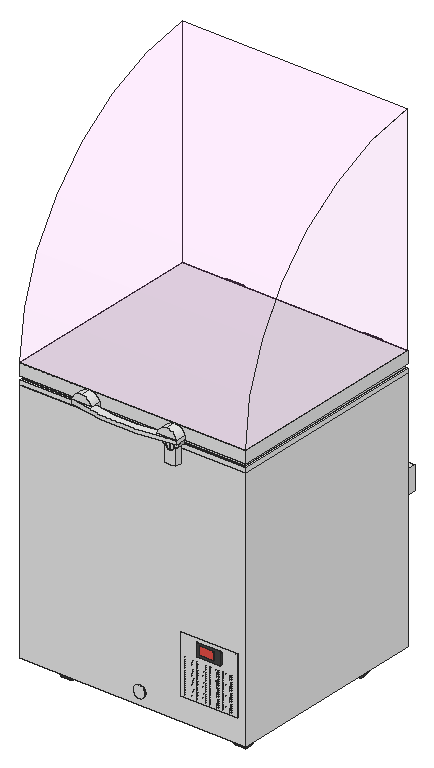
Revit family "QF_Summit_LAB11_Chest_Freezer", category Specialty Equipment, Revit 2020
Family settings
  Round Connector Dimension = Use Diameter
  Part Type = Normal
  Work Plane-Based = No
  Always vertical = Yes
  Cut with Voids When Loaded = No
  Shared = No
  Room Calculation Point = No
Parameters
  Weight in Pounds = 180
  Watts = Volts * FL Amps  # 609.5 W
  Volts = 115 V
  URL Cutsheet = ""
  Specification by User = ""
  Specification by Manufacturer = ""
  Show Clearance [instance] = yes
  Serial Number = ""
  Seismic Rating = ""
  SMACNA No = ""
  Revision Code = ""
  Phase = 1
  Number of Poles = 1
  NAFEM Spec ID Number = ""
  Model = "LAB11"
  Min Ckt Ampacity = 0 A
  Max Overcurrent Protection = 0 A
  Masterspec = ""
  Manufacturer = "Summit"
  Length = 28 1/2"
  Item Number = ""
  Installed By = ""
  Identify Quantity as Lot = yes
  Height = 36 1/4"
  HP = ""
  Furnished By = ""
  Foodservice Equipment Identifier = yes
  FL Amps = 5.3 A
  Electrical Remarks = ""
  Electric Connection Type = ""
  Elec Conn RI Height = 0"
  Elec Conn Connection Height = 0"
  Description = "Chest Freezer"
  Depth = 30"
  Default Elevation = 0"
  Cycle = 60 Hz
  Conn Plug = ""
  Conn Conduit = yes
  CSI MasterFormat = ""
  Apparent Power = 0 VA
Reference planes (in)
  plane 1 "BACK": y = 0
  plane 2: z = 0
  plane 3 "LEFT": x = 0
  plane 4 "RIGHT": x = 28.5
  plane 5 "FRONT": y = -30
  plane 6 "TOP": z = 36.25
  plane 7 "Center Y": x = 14.25
  plane 8 "Center X": y = -15
Dimensions and locks (in)
  equal spacing: plane 3 "LEFT", plane 7 "Center Y", plane 4 "RIGHT"
  "Length": plane 3 "LEFT" to plane 4 "RIGHT"
  equal spacing: plane 5 "FRONT", plane 8 "Center X", plane 1 "BACK"
  "Depth": plane 5 "FRONT" to plane 1 "BACK"
  "Height": plane 6 "TOP" to level
  aligned and locked: level to plane 2
Nested families (in)
  nested 1: "LAB11" at (0, 0, 0), Show Clearance <- "Show Clearance", type "LAB11"
    with Show Clearance yes
Connectors (in)
  electrical at (26.45796, -2.17959, 4.81541), driven by "Volts", driven by "Watts"
    settings: on nested 1, index 1, voltage 115 V, apparent load 609.5 VA, apparent load phase1 0 VA, apparent load phase2 0 VA, apparent load phase3 0 VA, power factor 1, load classification "Other", number of poles 1, system type 30, power factor state 1, is connector primary yes, connector utility no, sub classification motor no, connector description "ELECTRICAL CONNECTION"
Definition of nested family "LAB11"
  Parameters (values of type "LAB11")
    Weight in Pounds = 0
    URL Cutsheet = ""
    Specification by User = ""
    Specification by Manufacturer = ""
    Show Clearance [instance] = yes
    Serial Number = ""
    Seismic Rating = ""
    SMACNA No = ""
    Revision Code = ""
    NAFEM Spec ID Number = ""
    Masterspec = ""
    Length = 28 1/2"
    Item Number = ""
    Installed By = ""
    Identify Quantity as Lot = yes
    Height = 36 1/4"
    Furnished By = ""
    Foodservice Equipment Identifier = yes
    Depth = 30"
    Default Elevation = 0"
    CSI MasterFormat = ""
  Reference planes (in)
    plane 1 "BACK": y = 0
    plane 2: z = 0
    plane 3 "LEFT": x = 0
    plane 4 "RIGHT": x = 28.5
    plane 5 "FRONT": y = -30
    plane 6 "TOP": z = 36.25
    plane 7 "Center Y": x = 14.25
    plane 8 "Center X": y = -15
    plane 9: z = 63.75
    plane 10: z = 2.75
  Forms (in)
    Extrusion 1, solid
      sketch origin (-38.39759, -180, 36.25) x (-1, 0, 0) y (0, -1, 0)
        loop
          line (-38.39759, -177.78916) -> (-38.39759, -152.03916) -> (-66.89759, -152.03916) -> (-66.89759, -177.78916) -> (-38.39759, -177.78916)
      from 0 to -1.46468
    Extrusion 2, solid
      sketch origin (-38.39759, -180, 34.78532) x (0, -1, 0) y (-1, 0, 0)
        loop
          line (-177.53916, -38.66047) -> (-177.53916, -66.63471) -> (-152.28916, -66.63471) -> (-152.28916, -38.66047) -> (-177.53916, -38.66047)
      from 0 to 0.37975
    Sweep 3, solid
      path origin (0, 0, 0) x (1, 0, 0) y (0, 1, 0)
        loop
          line (0, -2.21084) -> (0, -27.96084) -> (28.5, -27.96084) -> (28.5, -2.21084) -> (0, -2.21084)
      profile origin (0, -15.08584, 0) x (1, 0, 0) y (0, 0, 1)
        loop
          line (0.26288, 34.40556) -> (0.11816, 34.40556) -> (0, 34.28741) -> (0, 33.78741) -> (0.26288, 33.78741) -> (0.26288, 34.40556)
    Extrusion 4, solid
      sketch origin (0.26288, -2.47372, 33.78741) x (-1, 0, 0) y (0, 1, 0)
        loop
          line (0.26288, 0.26288) -> (-28.23712, 0.26288) -> (-28.23712, -25.48712) -> (0.26288, -25.48712) -> (0.26288, 0.26288)
      from 0 to 31.03741
    Extrusion 5, solid
      sketch origin (0, -32.01214, 35.57418) x (0, -1, 0) y (1, 0, 0)
        loop
          line (-31.43624, 4.52583) -> (-29.80129, 4.52583) -> (-29.80129, 6.55252) -> (-31.43624, 6.55252) -> (-31.43624, 4.52583)
        loop
          line (-31.43624, 23.97417) -> (-31.43624, 21.94748) -> (-29.80129, 21.94748) -> (-29.80129, 23.97417) -> (-31.43624, 23.97417)
      from 0 to -4.16386
    Extrusion 6, solid, visible <- "Show Clearance"
      sketch origin (0, 0, 0) x (0, 1, 0) y (0, 0, 1)
        loop
          line (-2.21084, 36.25) -> (-2.21084, 63.74993)
          arc (-2.21084, 63.74993) -> (-20.29865, 54.88106) -> (-27.96084, 36.25) r 28.4139
          line (-27.96084, 36.25) -> (-2.21084, 36.25)
      from 0 to 28.5
    Extrusion 7, void
      sketch origin (23.97417, -0.8259, 35.57418) x (0, -1, 0) y (0, 0, 1)
        loop
          line (-0.25, 0) -> (-0.25, -0.75)
          arc (-0.25, -0.75) -> (-0.03033, -0.21967) -> (0.5, 0) r 0.75
          line (0.5, 0) -> (-0.25, 0)
      from 0 to 2.02668
    Extrusion 8, void
      sketch origin (6.55252, -0.5759, 35.57418) x (0, 1, 0) y (0, 0, -1)
        loop
          line (0, 0) -> (0, 0.75)
          arc (0, 0.75) -> (-0.21967, 0.21967) -> (-0.75, 0) r 0.75
          line (-0.75, 0) -> (0, 0)
      from 0 to 2.02668
    Extrusion 9, solid
      sketch origin (28.5, -27.96084, 33.78741) x (-1, 0, 0) y (0, 0, -1)
        loop
          line (8.14996, 20.87765) -> (8.14996, 28.12765) -> (0.89996, 28.12765) -> (0.89996, 20.87765) -> (8.14996, 20.87765)
      from 0 to 0.03125
    Extrusion 10, solid
      sketch origin (28.5, -27.99209, 33.78741) x (-1, 0, 0) y (0, 0, -1)
        loop
          arc (5.99341, 21.32517) -> (6.0818, 21.36179) -> (6.11841, 21.45017) r 0.125
          line (6.11841, 21.45017) -> (6.11841, 22.80445)
          arc (6.11841, 22.80445) -> (6.0818, 22.89283) -> (5.99341, 22.92945) r 0.125
          line (5.99341, 22.92945) -> (3.12787, 22.92945)
          arc (3.12787, 22.92945) -> (3.03948, 22.89283) -> (3.00287, 22.80445) r 0.125
          line (3.00287, 22.80445) -> (3.00287, 21.45017)
          arc (3.00287, 21.45017) -> (3.03948, 21.36179) -> (3.12787, 21.32517) r 0.125
          line (3.12787, 21.32517) -> (5.99341, 21.32517)
      from 0 to 0.03125
    Extrusion 11, solid
      sketch origin (28.5, -28.02334, 33.78741) x (-1, 0, 0) y (0, 0, -1)
        loop
          line (5.73873, 21.63644) -> (5.73873, 22.63644) -> (3.90156, 22.63644) -> (3.90156, 21.63644) -> (5.73873, 21.63644)
      from 0 to 0.03125
    Extrusion 12, void
      sketch origin (28.5, -27.99209, 33.78741) x (1, 0, 0) y (0, 0, -1)
        loop
          line (-7.64421, 23.51646) -> (-6.55046, 23.51646)
          arc (-6.55046, 23.51646) -> (-6.50667, 23.56025) -> (-6.55046, 23.60404) r 0.04379
          line (-6.55046, 23.60404) -> (-7.64421, 23.60404)
          arc (-7.64421, 23.60404) -> (-7.688, 23.56025) -> (-7.64421, 23.51646) r 0.04379
      from 0 to 0.01514
    Extrusion 13, void
      sketch origin (33.38246, -27.99209, 33.78741) x (1, 0, 0) y (0, 0, -1)
        loop
          line (-7.64421, 23.51646) -> (-6.55046, 23.51646)
          arc (-6.55046, 23.51646) -> (-6.50667, 23.56025) -> (-6.55046, 23.60404) r 0.04379
          line (-6.55046, 23.60404) -> (-7.64421, 23.60404)
          arc (-7.64421, 23.60404) -> (-7.688, 23.56025) -> (-7.64421, 23.51646) r 0.04379
      from 0 to 0.01514
    Extrusion 14, void
      sketch origin (30.12749, -27.99209, 33.78741) x (1, 0, 0) y (0, 0, -1)
        loop
          line (-7.64421, 23.51646) -> (-6.55046, 23.51646)
          arc (-6.55046, 23.51646) -> (-6.50667, 23.56025) -> (-6.55046, 23.60404) r 0.04379
          line (-6.55046, 23.60404) -> (-7.64421, 23.60404)
          arc (-7.64421, 23.60404) -> (-7.688, 23.56025) -> (-7.64421, 23.51646) r 0.04379
      from 0 to 0.01514
    Extrusion 15, void
      sketch origin (31.75497, -27.99209, 33.78741) x (1, 0, 0) y (0, 0, -1)
        loop
          line (-7.64421, 23.51646) -> (-6.55046, 23.51646)
          arc (-6.55046, 23.51646) -> (-6.50667, 23.56025) -> (-6.55046, 23.60404) r 0.04379
          line (-6.55046, 23.60404) -> (-7.64421, 23.60404)
          arc (-7.64421, 23.60404) -> (-7.688, 23.56025) -> (-7.64421, 23.51646) r 0.04379
      from 0 to 0.01514
    Extrusion 16, void
      sketch origin (28.5, -27.99209, 33.53741) x (1, 0, 0) y (0, 0, -1)
        loop
          line (-7.64421, 23.51646) -> (-6.55046, 23.51646)
          arc (-6.55046, 23.51646) -> (-6.50667, 23.56025) -> (-6.55046, 23.60404) r 0.04379
          line (-6.55046, 23.60404) -> (-7.64421, 23.60404)
          arc (-7.64421, 23.60404) -> (-7.688, 23.56025) -> (-7.64421, 23.51646) r 0.04379
      from 0 to 0.01514
    Extrusion 17, void
      sketch origin (28.5, -27.99209, 33.28741) x (1, 0, 0) y (0, 0, -1)
        loop
          line (-7.64421, 23.51646) -> (-6.55046, 23.51646)
          arc (-6.55046, 23.51646) -> (-6.50667, 23.56025) -> (-6.55046, 23.60404) r 0.04379
          line (-6.55046, 23.60404) -> (-7.64421, 23.60404)
          arc (-7.64421, 23.60404) -> (-7.688, 23.56025) -> (-7.64421, 23.51646) r 0.04379
      from 0 to 0.01514
    Extrusion 18, void
      sketch origin (28.5, -27.99209, 33.03577) x (1, 0, 0) y (0, 0, -1)
        loop
          line (-7.64421, 23.51646) -> (-6.55046, 23.51646)
          arc (-6.55046, 23.51646) -> (-6.50667, 23.56025) -> (-6.55046, 23.60404) r 0.04379
          line (-6.55046, 23.60404) -> (-7.64421, 23.60404)
          arc (-7.64421, 23.60404) -> (-7.688, 23.56025) -> (-7.64421, 23.51646) r 0.04379
      from 0 to 0.01514
    Extrusion 19, void
      sketch origin (28.5, -27.99209, 32.78577) x (1, 0, 0) y (0, 0, -1)
        loop
          line (-7.64421, 23.51646) -> (-6.55046, 23.51646)
          arc (-6.55046, 23.51646) -> (-6.50667, 23.56025) -> (-6.55046, 23.60404) r 0.04379
          line (-6.55046, 23.60404) -> (-7.64421, 23.60404)
          arc (-7.64421, 23.60404) -> (-7.688, 23.56025) -> (-7.64421, 23.51646) r 0.04379
      from 0 to 0.01514
    Extrusion 20, void
      sketch origin (28.5, -27.99209, 32.53577) x (1, 0, 0) y (0, 0, -1)
        loop
          line (-7.64421, 23.51646) -> (-6.55046, 23.51646)
          arc (-6.55046, 23.51646) -> (-6.50667, 23.56025) -> (-6.55046, 23.60404) r 0.04379
          line (-6.55046, 23.60404) -> (-7.64421, 23.60404)
          arc (-7.64421, 23.60404) -> (-7.688, 23.56025) -> (-7.64421, 23.51646) r 0.04379
      from 0 to 0.01514
    Extrusion 21, void
      sketch origin (33.38246, -27.99209, 33.53741) x (1, 0, 0) y (0, 0, -1)
        loop
          line (-7.64421, 23.51646) -> (-6.55046, 23.51646)
          arc (-6.55046, 23.51646) -> (-6.50667, 23.56025) -> (-6.55046, 23.60404) r 0.04379
          line (-6.55046, 23.60404) -> (-7.64421, 23.60404)
          arc (-7.64421, 23.60404) -> (-7.688, 23.56025) -> (-7.64421, 23.51646) r 0.04379
      from 0 to 0.01514
    Extrusion 22, void
      sketch origin (33.38246, -27.99209, 33.28741) x (1, 0, 0) y (0, 0, -1)
        loop
          line (-7.64421, 23.51646) -> (-6.55046, 23.51646)
          arc (-6.55046, 23.51646) -> (-6.50667, 23.56025) -> (-6.55046, 23.60404) r 0.04379
          line (-6.55046, 23.60404) -> (-7.64421, 23.60404)
          arc (-7.64421, 23.60404) -> (-7.688, 23.56025) -> (-7.64421, 23.51646) r 0.04379
      from 0 to 0.01514
    Extrusion 23, void
      sketch origin (33.38246, -27.99209, 33.03577) x (1, 0, 0) y (0, 0, -1)
        loop
          line (-7.64421, 23.51646) -> (-6.55046, 23.51646)
          arc (-6.55046, 23.51646) -> (-6.50667, 23.56025) -> (-6.55046, 23.60404) r 0.04379
          line (-6.55046, 23.60404) -> (-7.64421, 23.60404)
          arc (-7.64421, 23.60404) -> (-7.688, 23.56025) -> (-7.64421, 23.51646) r 0.04379
      from 0 to 0.01514
    Extrusion 24, void
      sketch origin (33.38246, -27.99209, 32.78577) x (1, 0, 0) y (0, 0, -1)
        loop
          line (-7.64421, 23.51646) -> (-6.55046, 23.51646)
          arc (-6.55046, 23.51646) -> (-6.50667, 23.56025) -> (-6.55046, 23.60404) r 0.04379
          line (-6.55046, 23.60404) -> (-7.64421, 23.60404)
          arc (-7.64421, 23.60404) -> (-7.688, 23.56025) -> (-7.64421, 23.51646) r 0.04379
      from 0 to 0.01514
    Extrusion 25, void
      sketch origin (33.38246, -27.99209, 32.53577) x (1, 0, 0) y (0, 0, -1)
        loop
          line (-7.64421, 23.51646) -> (-6.55046, 23.51646)
          arc (-6.55046, 23.51646) -> (-6.50667, 23.56025) -> (-6.55046, 23.60404) r 0.04379
          line (-6.55046, 23.60404) -> (-7.64421, 23.60404)
          arc (-7.64421, 23.60404) -> (-7.688, 23.56025) -> (-7.64421, 23.51646) r 0.04379
      from 0 to 0.01514
    Extrusion 26, void
      sketch origin (30.12749, -27.99209, 33.53741) x (1, 0, 0) y (0, 0, -1)
        loop
          line (-7.64421, 23.51646) -> (-6.55046, 23.51646)
          arc (-6.55046, 23.51646) -> (-6.50667, 23.56025) -> (-6.55046, 23.60404) r 0.04379
          line (-6.55046, 23.60404) -> (-7.64421, 23.60404)
          arc (-7.64421, 23.60404) -> (-7.688, 23.56025) -> (-7.64421, 23.51646) r 0.04379
      from 0 to 0.01514
    Extrusion 27, void
      sketch origin (30.12749, -27.99209, 33.28741) x (1, 0, 0) y (0, 0, -1)
        loop
          line (-7.64421, 23.51646) -> (-6.55046, 23.51646)
          arc (-6.55046, 23.51646) -> (-6.50667, 23.56025) -> (-6.55046, 23.60404) r 0.04379
          line (-6.55046, 23.60404) -> (-7.64421, 23.60404)
          arc (-7.64421, 23.60404) -> (-7.688, 23.56025) -> (-7.64421, 23.51646) r 0.04379
      from 0 to 0.01514
    Extrusion 28, void
      sketch origin (30.12749, -27.99209, 33.03577) x (1, 0, 0) y (0, 0, -1)
        loop
          line (-7.64421, 23.51646) -> (-6.55046, 23.51646)
          arc (-6.55046, 23.51646) -> (-6.50667, 23.56025) -> (-6.55046, 23.60404) r 0.04379
          line (-6.55046, 23.60404) -> (-7.64421, 23.60404)
          arc (-7.64421, 23.60404) -> (-7.688, 23.56025) -> (-7.64421, 23.51646) r 0.04379
      from 0 to 0.01514
    Extrusion 29, void
      sketch origin (30.12749, -27.99209, 32.78577) x (1, 0, 0) y (0, 0, -1)
        loop
          line (-7.64421, 23.51646) -> (-6.55046, 23.51646)
          arc (-6.55046, 23.51646) -> (-6.50667, 23.56025) -> (-6.55046, 23.60404) r 0.04379
          line (-6.55046, 23.60404) -> (-7.64421, 23.60404)
          arc (-7.64421, 23.60404) -> (-7.688, 23.56025) -> (-7.64421, 23.51646) r 0.04379
      from 0 to 0.01514
    Extrusion 30, void
      sketch origin (30.12749, -27.99209, 32.53577) x (1, 0, 0) y (0, 0, -1)
        loop
          line (-7.64421, 23.51646) -> (-6.55046, 23.51646)
          arc (-6.55046, 23.51646) -> (-6.50667, 23.56025) -> (-6.55046, 23.60404) r 0.04379
          line (-6.55046, 23.60404) -> (-7.64421, 23.60404)
          arc (-7.64421, 23.60404) -> (-7.688, 23.56025) -> (-7.64421, 23.51646) r 0.04379
      from 0 to 0.01514
    Extrusion 31, void
      sketch origin (31.75497, -27.99209, 33.53741) x (1, 0, 0) y (0, 0, -1)
        loop
          line (-7.64421, 23.51646) -> (-6.55046, 23.51646)
          arc (-6.55046, 23.51646) -> (-6.50667, 23.56025) -> (-6.55046, 23.60404) r 0.04379
          line (-6.55046, 23.60404) -> (-7.64421, 23.60404)
          arc (-7.64421, 23.60404) -> (-7.688, 23.56025) -> (-7.64421, 23.51646) r 0.04379
      from 0 to 0.01514
    Extrusion 32, void
      sketch origin (31.75497, -27.99209, 33.28741) x (1, 0, 0) y (0, 0, -1)
        loop
          line (-7.64421, 23.51646) -> (-6.55046, 23.51646)
          arc (-6.55046, 23.51646) -> (-6.50667, 23.56025) -> (-6.55046, 23.60404) r 0.04379
          line (-6.55046, 23.60404) -> (-7.64421, 23.60404)
          arc (-7.64421, 23.60404) -> (-7.688, 23.56025) -> (-7.64421, 23.51646) r 0.04379
      from 0 to 0.01514
    Extrusion 33, void
      sketch origin (31.75497, -27.99209, 33.03577) x (1, 0, 0) y (0, 0, -1)
        loop
          line (-7.64421, 23.51646) -> (-6.55046, 23.51646)
          arc (-6.55046, 23.51646) -> (-6.50667, 23.56025) -> (-6.55046, 23.60404) r 0.04379
          line (-6.55046, 23.60404) -> (-7.64421, 23.60404)
          arc (-7.64421, 23.60404) -> (-7.688, 23.56025) -> (-7.64421, 23.51646) r 0.04379
      from 0 to 0.01514
    Extrusion 34, void
      sketch origin (31.75497, -27.99209, 32.78577) x (1, 0, 0) y (0, 0, -1)
        loop
          line (-7.64421, 23.51646) -> (-6.55046, 23.51646)
          arc (-6.55046, 23.51646) -> (-6.50667, 23.56025) -> (-6.55046, 23.60404) r 0.04379
          line (-6.55046, 23.60404) -> (-7.64421, 23.60404)
          arc (-7.64421, 23.60404) -> (-7.688, 23.56025) -> (-7.64421, 23.51646) r 0.04379
      from 0 to 0.01514
    Extrusion 35, void
      sketch origin (31.75497, -27.99209, 32.53577) x (1, 0, 0) y (0, 0, -1)
        loop
          line (-7.64421, 23.51646) -> (-6.55046, 23.51646)
          arc (-6.55046, 23.51646) -> (-6.50667, 23.56025) -> (-6.55046, 23.60404) r 0.04379
          line (-6.55046, 23.60404) -> (-7.64421, 23.60404)
          arc (-7.64421, 23.60404) -> (-7.688, 23.56025) -> (-7.64421, 23.51646) r 0.04379
      from 0 to 0.01514
    Extrusion 36, void
      sketch origin (28.5, -27.99209, 32.28741) x (1, 0, 0) y (0, 0, -1)
        loop
          line (-7.64421, 23.51646) -> (-6.55046, 23.51646)
          arc (-6.55046, 23.51646) -> (-6.50667, 23.56025) -> (-6.55046, 23.60404) r 0.04379
          line (-6.55046, 23.60404) -> (-7.64421, 23.60404)
          arc (-7.64421, 23.60404) -> (-7.688, 23.56025) -> (-7.64421, 23.51646) r 0.04379
      from 0 to 0.01514
    Extrusion 37, void
      sketch origin (28.5, -27.99209, 32.03741) x (1, 0, 0) y (0, 0, -1)
        loop
          line (-7.64421, 23.51646) -> (-6.55046, 23.51646)
          arc (-6.55046, 23.51646) -> (-6.50667, 23.56025) -> (-6.55046, 23.60404) r 0.04379
          line (-6.55046, 23.60404) -> (-7.64421, 23.60404)
          arc (-7.64421, 23.60404) -> (-7.688, 23.56025) -> (-7.64421, 23.51646) r 0.04379
      from 0 to 0.01514
    Extrusion 38, void
      sketch origin (28.5, -27.99209, 31.78741) x (1, 0, 0) y (0, 0, -1)
        loop
          line (-7.64421, 23.51646) -> (-6.55046, 23.51646)
          arc (-6.55046, 23.51646) -> (-6.50667, 23.56025) -> (-6.55046, 23.60404) r 0.04379
          line (-6.55046, 23.60404) -> (-7.64421, 23.60404)
          arc (-7.64421, 23.60404) -> (-7.688, 23.56025) -> (-7.64421, 23.51646) r 0.04379
      from 0 to 0.01514
    Extrusion 39, void
      sketch origin (28.5, -27.99209, 31.53577) x (1, 0, 0) y (0, 0, -1)
        loop
          line (-7.64421, 23.51646) -> (-6.55046, 23.51646)
          arc (-6.55046, 23.51646) -> (-6.50667, 23.56025) -> (-6.55046, 23.60404) r 0.04379
          line (-6.55046, 23.60404) -> (-7.64421, 23.60404)
          arc (-7.64421, 23.60404) -> (-7.688, 23.56025) -> (-7.64421, 23.51646) r 0.04379
      from 0 to 0.01514
    Extrusion 40, void
      sketch origin (28.5, -27.99209, 31.28577) x (1, 0, 0) y (0, 0, -1)
        loop
          line (-7.64421, 23.51646) -> (-6.55046, 23.51646)
          arc (-6.55046, 23.51646) -> (-6.50667, 23.56025) -> (-6.55046, 23.60404) r 0.04379
          line (-6.55046, 23.60404) -> (-7.64421, 23.60404)
          arc (-7.64421, 23.60404) -> (-7.688, 23.56025) -> (-7.64421, 23.51646) r 0.04379
      from 0 to 0.01514
    Extrusion 41, void
      sketch origin (28.5, -27.99209, 31.03577) x (1, 0, 0) y (0, 0, -1)
        loop
          line (-7.64421, 23.51646) -> (-6.55046, 23.51646)
          arc (-6.55046, 23.51646) -> (-6.50667, 23.56025) -> (-6.55046, 23.60404) r 0.04379
          line (-6.55046, 23.60404) -> (-7.64421, 23.60404)
          arc (-7.64421, 23.60404) -> (-7.688, 23.56025) -> (-7.64421, 23.51646) r 0.04379
      from 0 to 0.01514
    Extrusion 42, void
      sketch origin (28.5, -27.99209, 30.78741) x (1, 0, 0) y (0, 0, -1)
        loop
          line (-7.64421, 23.51646) -> (-6.55046, 23.51646)
          arc (-6.55046, 23.51646) -> (-6.50667, 23.56025) -> (-6.55046, 23.60404) r 0.04379
          line (-6.55046, 23.60404) -> (-7.64421, 23.60404)
          arc (-7.64421, 23.60404) -> (-7.688, 23.56025) -> (-7.64421, 23.51646) r 0.04379
      from 0 to 0.01514
    Extrusion 43, void
      sketch origin (28.5, -27.99209, 30.53741) x (1, 0, 0) y (0, 0, -1)
        loop
          line (-7.64421, 23.51646) -> (-6.55046, 23.51646)
          arc (-6.55046, 23.51646) -> (-6.50667, 23.56025) -> (-6.55046, 23.60404) r 0.04379
          line (-6.55046, 23.60404) -> (-7.64421, 23.60404)
          arc (-7.64421, 23.60404) -> (-7.688, 23.56025) -> (-7.64421, 23.51646) r 0.04379
      from 0 to 0.01514
    Extrusion 44, void
      sketch origin (28.5, -27.99209, 30.28741) x (1, 0, 0) y (0, 0, -1)
        loop
          line (-7.64421, 23.51646) -> (-6.55046, 23.51646)
          arc (-6.55046, 23.51646) -> (-6.50667, 23.56025) -> (-6.55046, 23.60404) r 0.04379
          line (-6.55046, 23.60404) -> (-7.64421, 23.60404)
          arc (-7.64421, 23.60404) -> (-7.688, 23.56025) -> (-7.64421, 23.51646) r 0.04379
      from 0 to 0.01514
    Extrusion 45, void
      sketch origin (28.5, -27.99209, 30.03577) x (1, 0, 0) y (0, 0, -1)
        loop
          line (-7.64421, 23.51646) -> (-6.55046, 23.51646)
          arc (-6.55046, 23.51646) -> (-6.50667, 23.56025) -> (-6.55046, 23.60404) r 0.04379
          line (-6.55046, 23.60404) -> (-7.64421, 23.60404)
          arc (-7.64421, 23.60404) -> (-7.688, 23.56025) -> (-7.64421, 23.51646) r 0.04379
      from 0 to 0.01514
    Extrusion 46, void
      sketch origin (28.5, -27.99209, 29.78577) x (1, 0, 0) y (0, 0, -1)
        loop
          line (-7.64421, 23.51646) -> (-6.55046, 23.51646)
          arc (-6.55046, 23.51646) -> (-6.50667, 23.56025) -> (-6.55046, 23.60404) r 0.04379
          line (-6.55046, 23.60404) -> (-7.64421, 23.60404)
          arc (-7.64421, 23.60404) -> (-7.688, 23.56025) -> (-7.64421, 23.51646) r 0.04379
      from 0 to 0.01514
    Extrusion 47, void
      sketch origin (28.5, -27.99209, 29.53577) x (1, 0, 0) y (0, 0, -1)
        loop
          line (-7.64421, 23.51646) -> (-6.55046, 23.51646)
          arc (-6.55046, 23.51646) -> (-6.50667, 23.56025) -> (-6.55046, 23.60404) r 0.04379
          line (-6.55046, 23.60404) -> (-7.64421, 23.60404)
          arc (-7.64421, 23.60404) -> (-7.688, 23.56025) -> (-7.64421, 23.51646) r 0.04379
      from 0 to 0.01514
    Extrusion 48, void
      sketch origin (33.38246, -27.99209, 32.28741) x (1, 0, 0) y (0, 0, -1)
        loop
          line (-7.64421, 23.51646) -> (-6.55046, 23.51646)
          arc (-6.55046, 23.51646) -> (-6.50667, 23.56025) -> (-6.55046, 23.60404) r 0.04379
          line (-6.55046, 23.60404) -> (-7.64421, 23.60404)
          arc (-7.64421, 23.60404) -> (-7.688, 23.56025) -> (-7.64421, 23.51646) r 0.04379
      from 0 to 0.01514
    Extrusion 49, void
      sketch origin (33.38246, -27.99209, 32.03741) x (1, 0, 0) y (0, 0, -1)
        loop
          line (-7.64421, 23.51646) -> (-6.55046, 23.51646)
          arc (-6.55046, 23.51646) -> (-6.50667, 23.56025) -> (-6.55046, 23.60404) r 0.04379
          line (-6.55046, 23.60404) -> (-7.64421, 23.60404)
          arc (-7.64421, 23.60404) -> (-7.688, 23.56025) -> (-7.64421, 23.51646) r 0.04379
      from 0 to 0.01514
    Extrusion 50, void
      sketch origin (33.38246, -27.99209, 31.78741) x (1, 0, 0) y (0, 0, -1)
        loop
          line (-7.64421, 23.51646) -> (-6.55046, 23.51646)
          arc (-6.55046, 23.51646) -> (-6.50667, 23.56025) -> (-6.55046, 23.60404) r 0.04379
          line (-6.55046, 23.60404) -> (-7.64421, 23.60404)
          arc (-7.64421, 23.60404) -> (-7.688, 23.56025) -> (-7.64421, 23.51646) r 0.04379
      from 0 to 0.01514
    Extrusion 51, void
      sketch origin (33.38246, -27.99209, 31.53577) x (1, 0, 0) y (0, 0, -1)
        loop
          line (-7.64421, 23.51646) -> (-6.55046, 23.51646)
          arc (-6.55046, 23.51646) -> (-6.50667, 23.56025) -> (-6.55046, 23.60404) r 0.04379
          line (-6.55046, 23.60404) -> (-7.64421, 23.60404)
          arc (-7.64421, 23.60404) -> (-7.688, 23.56025) -> (-7.64421, 23.51646) r 0.04379
      from 0 to 0.01514
    Extrusion 52, void
      sketch origin (33.38246, -27.99209, 31.28577) x (1, 0, 0) y (0, 0, -1)
        loop
          line (-7.64421, 23.51646) -> (-6.55046, 23.51646)
          arc (-6.55046, 23.51646) -> (-6.50667, 23.56025) -> (-6.55046, 23.60404) r 0.04379
          line (-6.55046, 23.60404) -> (-7.64421, 23.60404)
          arc (-7.64421, 23.60404) -> (-7.688, 23.56025) -> (-7.64421, 23.51646) r 0.04379
      from 0 to 0.01514
    Extrusion 53, void
      sketch origin (33.38246, -27.99209, 31.03577) x (1, 0, 0) y (0, 0, -1)
        loop
          line (-7.64421, 23.51646) -> (-6.55046, 23.51646)
          arc (-6.55046, 23.51646) -> (-6.50667, 23.56025) -> (-6.55046, 23.60404) r 0.04379
          line (-6.55046, 23.60404) -> (-7.64421, 23.60404)
          arc (-7.64421, 23.60404) -> (-7.688, 23.56025) -> (-7.64421, 23.51646) r 0.04379
      from 0 to 0.01514
    Extrusion 54, void
      sketch origin (33.38246, -27.99209, 30.78741) x (1, 0, 0) y (0, 0, -1)
        loop
          line (-7.64421, 23.51646) -> (-6.55046, 23.51646)
          arc (-6.55046, 23.51646) -> (-6.50667, 23.56025) -> (-6.55046, 23.60404) r 0.04379
          line (-6.55046, 23.60404) -> (-7.64421, 23.60404)
          arc (-7.64421, 23.60404) -> (-7.688, 23.56025) -> (-7.64421, 23.51646) r 0.04379
      from 0 to 0.01514
    Extrusion 55, void
      sketch origin (33.38246, -27.99209, 30.53741) x (1, 0, 0) y (0, 0, -1)
        loop
          line (-7.64421, 23.51646) -> (-6.55046, 23.51646)
          arc (-6.55046, 23.51646) -> (-6.50667, 23.56025) -> (-6.55046, 23.60404) r 0.04379
          line (-6.55046, 23.60404) -> (-7.64421, 23.60404)
          arc (-7.64421, 23.60404) -> (-7.688, 23.56025) -> (-7.64421, 23.51646) r 0.04379
      from 0 to 0.01514
    Extrusion 56, void
      sketch origin (33.38246, -27.99209, 30.28741) x (1, 0, 0) y (0, 0, -1)
        loop
          line (-7.64421, 23.51646) -> (-6.55046, 23.51646)
          arc (-6.55046, 23.51646) -> (-6.50667, 23.56025) -> (-6.55046, 23.60404) r 0.04379
          line (-6.55046, 23.60404) -> (-7.64421, 23.60404)
          arc (-7.64421, 23.60404) -> (-7.688, 23.56025) -> (-7.64421, 23.51646) r 0.04379
      from 0 to 0.01514
    Extrusion 57, void
      sketch origin (33.38246, -27.99209, 30.03577) x (1, 0, 0) y (0, 0, -1)
        loop
          line (-7.64421, 23.51646) -> (-6.55046, 23.51646)
          arc (-6.55046, 23.51646) -> (-6.50667, 23.56025) -> (-6.55046, 23.60404) r 0.04379
          line (-6.55046, 23.60404) -> (-7.64421, 23.60404)
          arc (-7.64421, 23.60404) -> (-7.688, 23.56025) -> (-7.64421, 23.51646) r 0.04379
      from 0 to 0.01514
    Extrusion 58, void
      sketch origin (33.38246, -27.99209, 29.78577) x (1, 0, 0) y (0, 0, -1)
        loop
          line (-7.64421, 23.51646) -> (-6.55046, 23.51646)
          arc (-6.55046, 23.51646) -> (-6.50667, 23.56025) -> (-6.55046, 23.60404) r 0.04379
          line (-6.55046, 23.60404) -> (-7.64421, 23.60404)
          arc (-7.64421, 23.60404) -> (-7.688, 23.56025) -> (-7.64421, 23.51646) r 0.04379
      from 0 to 0.01514
    Extrusion 59, void
      sketch origin (33.38246, -27.99209, 29.53577) x (1, 0, 0) y (0, 0, -1)
        loop
          line (-7.64421, 23.51646) -> (-6.55046, 23.51646)
          arc (-6.55046, 23.51646) -> (-6.50667, 23.56025) -> (-6.55046, 23.60404) r 0.04379
          line (-6.55046, 23.60404) -> (-7.64421, 23.60404)
          arc (-7.64421, 23.60404) -> (-7.688, 23.56025) -> (-7.64421, 23.51646) r 0.04379
      from 0 to 0.01514
    Extrusion 60, void
      sketch origin (30.12749, -27.99209, 32.28741) x (1, 0, 0) y (0, 0, -1)
        loop
          line (-7.64421, 23.51646) -> (-6.55046, 23.51646)
          arc (-6.55046, 23.51646) -> (-6.50667, 23.56025) -> (-6.55046, 23.60404) r 0.04379
          line (-6.55046, 23.60404) -> (-7.64421, 23.60404)
          arc (-7.64421, 23.60404) -> (-7.688, 23.56025) -> (-7.64421, 23.51646) r 0.04379
      from 0 to 0.01514
    Extrusion 61, void
      sketch origin (30.12749, -27.99209, 32.03741) x (1, 0, 0) y (0, 0, -1)
        loop
          line (-7.64421, 23.51646) -> (-6.55046, 23.51646)
          arc (-6.55046, 23.51646) -> (-6.50667, 23.56025) -> (-6.55046, 23.60404) r 0.04379
          line (-6.55046, 23.60404) -> (-7.64421, 23.60404)
          arc (-7.64421, 23.60404) -> (-7.688, 23.56025) -> (-7.64421, 23.51646) r 0.04379
      from 0 to 0.01514
    Extrusion 62, void
      sketch origin (30.12749, -27.99209, 31.78741) x (1, 0, 0) y (0, 0, -1)
        loop
          line (-7.64421, 23.51646) -> (-6.55046, 23.51646)
          arc (-6.55046, 23.51646) -> (-6.50667, 23.56025) -> (-6.55046, 23.60404) r 0.04379
          line (-6.55046, 23.60404) -> (-7.64421, 23.60404)
          arc (-7.64421, 23.60404) -> (-7.688, 23.56025) -> (-7.64421, 23.51646) r 0.04379
      from 0 to 0.01514
    Extrusion 63, void
      sketch origin (30.12749, -27.99209, 31.53577) x (1, 0, 0) y (0, 0, -1)
        loop
          line (-7.64421, 23.51646) -> (-6.55046, 23.51646)
          arc (-6.55046, 23.51646) -> (-6.50667, 23.56025) -> (-6.55046, 23.60404) r 0.04379
          line (-6.55046, 23.60404) -> (-7.64421, 23.60404)
          arc (-7.64421, 23.60404) -> (-7.688, 23.56025) -> (-7.64421, 23.51646) r 0.04379
      from 0 to 0.01514
    Extrusion 64, void
      sketch origin (30.12749, -27.99209, 31.28577) x (1, 0, 0) y (0, 0, -1)
        loop
          line (-7.64421, 23.51646) -> (-6.55046, 23.51646)
          arc (-6.55046, 23.51646) -> (-6.50667, 23.56025) -> (-6.55046, 23.60404) r 0.04379
          line (-6.55046, 23.60404) -> (-7.64421, 23.60404)
          arc (-7.64421, 23.60404) -> (-7.688, 23.56025) -> (-7.64421, 23.51646) r 0.04379
      from 0 to 0.01514
    Extrusion 65, void
      sketch origin (30.12749, -27.99209, 31.03577) x (1, 0, 0) y (0, 0, -1)
        loop
          line (-7.64421, 23.51646) -> (-6.55046, 23.51646)
          arc (-6.55046, 23.51646) -> (-6.50667, 23.56025) -> (-6.55046, 23.60404) r 0.04379
          line (-6.55046, 23.60404) -> (-7.64421, 23.60404)
          arc (-7.64421, 23.60404) -> (-7.688, 23.56025) -> (-7.64421, 23.51646) r 0.04379
      from 0 to 0.01514
    Extrusion 66, void
      sketch origin (30.12749, -27.99209, 30.78741) x (1, 0, 0) y (0, 0, -1)
        loop
          line (-7.64421, 23.51646) -> (-6.55046, 23.51646)
          arc (-6.55046, 23.51646) -> (-6.50667, 23.56025) -> (-6.55046, 23.60404) r 0.04379
          line (-6.55046, 23.60404) -> (-7.64421, 23.60404)
          arc (-7.64421, 23.60404) -> (-7.688, 23.56025) -> (-7.64421, 23.51646) r 0.04379
      from 0 to 0.01514
    Extrusion 67, void
      sketch origin (30.12749, -27.99209, 30.53741) x (1, 0, 0) y (0, 0, -1)
        loop
          line (-7.64421, 23.51646) -> (-6.55046, 23.51646)
          arc (-6.55046, 23.51646) -> (-6.50667, 23.56025) -> (-6.55046, 23.60404) r 0.04379
          line (-6.55046, 23.60404) -> (-7.64421, 23.60404)
          arc (-7.64421, 23.60404) -> (-7.688, 23.56025) -> (-7.64421, 23.51646) r 0.04379
      from 0 to 0.01514
    Extrusion 68, void
      sketch origin (30.12749, -27.99209, 30.28741) x (1, 0, 0) y (0, 0, -1)
        loop
          line (-7.64421, 23.51646) -> (-6.55046, 23.51646)
          arc (-6.55046, 23.51646) -> (-6.50667, 23.56025) -> (-6.55046, 23.60404) r 0.04379
          line (-6.55046, 23.60404) -> (-7.64421, 23.60404)
          arc (-7.64421, 23.60404) -> (-7.688, 23.56025) -> (-7.64421, 23.51646) r 0.04379
      from 0 to 0.01514
    Extrusion 69, void
      sketch origin (30.12749, -27.99209, 30.03577) x (1, 0, 0) y (0, 0, -1)
        loop
          line (-7.64421, 23.51646) -> (-6.55046, 23.51646)
          arc (-6.55046, 23.51646) -> (-6.50667, 23.56025) -> (-6.55046, 23.60404) r 0.04379
          line (-6.55046, 23.60404) -> (-7.64421, 23.60404)
          arc (-7.64421, 23.60404) -> (-7.688, 23.56025) -> (-7.64421, 23.51646) r 0.04379
      from 0 to 0.01514
    Extrusion 70, void
      sketch origin (30.12749, -27.99209, 29.78577) x (1, 0, 0) y (0, 0, -1)
        loop
          line (-7.64421, 23.51646) -> (-6.55046, 23.51646)
          arc (-6.55046, 23.51646) -> (-6.50667, 23.56025) -> (-6.55046, 23.60404) r 0.04379
          line (-6.55046, 23.60404) -> (-7.64421, 23.60404)
          arc (-7.64421, 23.60404) -> (-7.688, 23.56025) -> (-7.64421, 23.51646) r 0.04379
      from 0 to 0.01514
    Extrusion 71, void
      sketch origin (30.12749, -27.99209, 29.53577) x (1, 0, 0) y (0, 0, -1)
        loop
          line (-7.64421, 23.51646) -> (-6.55046, 23.51646)
          arc (-6.55046, 23.51646) -> (-6.50667, 23.56025) -> (-6.55046, 23.60404) r 0.04379
          line (-6.55046, 23.60404) -> (-7.64421, 23.60404)
          arc (-7.64421, 23.60404) -> (-7.688, 23.56025) -> (-7.64421, 23.51646) r 0.04379
      from 0 to 0.01514
    Extrusion 72, void
      sketch origin (31.75497, -27.99209, 32.28741) x (1, 0, 0) y (0, 0, -1)
        loop
          line (-7.64421, 23.51646) -> (-6.55046, 23.51646)
          arc (-6.55046, 23.51646) -> (-6.50667, 23.56025) -> (-6.55046, 23.60404) r 0.04379
          line (-6.55046, 23.60404) -> (-7.64421, 23.60404)
          arc (-7.64421, 23.60404) -> (-7.688, 23.56025) -> (-7.64421, 23.51646) r 0.04379
      from 0 to 0.01514
    Extrusion 73, void
      sketch origin (31.75497, -27.99209, 32.03741) x (1, 0, 0) y (0, 0, -1)
        loop
          line (-7.64421, 23.51646) -> (-6.55046, 23.51646)
          arc (-6.55046, 23.51646) -> (-6.50667, 23.56025) -> (-6.55046, 23.60404) r 0.04379
          line (-6.55046, 23.60404) -> (-7.64421, 23.60404)
          arc (-7.64421, 23.60404) -> (-7.688, 23.56025) -> (-7.64421, 23.51646) r 0.04379
      from 0 to 0.01514
    Extrusion 74, void
      sketch origin (31.75497, -27.99209, 31.78741) x (1, 0, 0) y (0, 0, -1)
        loop
          line (-7.64421, 23.51646) -> (-6.55046, 23.51646)
          arc (-6.55046, 23.51646) -> (-6.50667, 23.56025) -> (-6.55046, 23.60404) r 0.04379
          line (-6.55046, 23.60404) -> (-7.64421, 23.60404)
          arc (-7.64421, 23.60404) -> (-7.688, 23.56025) -> (-7.64421, 23.51646) r 0.04379
      from 0 to 0.01514
    Extrusion 75, void
      sketch origin (31.75497, -27.99209, 31.53577) x (1, 0, 0) y (0, 0, -1)
        loop
          line (-7.64421, 23.51646) -> (-6.55046, 23.51646)
          arc (-6.55046, 23.51646) -> (-6.50667, 23.56025) -> (-6.55046, 23.60404) r 0.04379
          line (-6.55046, 23.60404) -> (-7.64421, 23.60404)
          arc (-7.64421, 23.60404) -> (-7.688, 23.56025) -> (-7.64421, 23.51646) r 0.04379
      from 0 to 0.01514
    Extrusion 76, void
      sketch origin (31.75497, -27.99209, 31.28577) x (1, 0, 0) y (0, 0, -1)
        loop
          line (-7.64421, 23.51646) -> (-6.55046, 23.51646)
          arc (-6.55046, 23.51646) -> (-6.50667, 23.56025) -> (-6.55046, 23.60404) r 0.04379
          line (-6.55046, 23.60404) -> (-7.64421, 23.60404)
          arc (-7.64421, 23.60404) -> (-7.688, 23.56025) -> (-7.64421, 23.51646) r 0.04379
      from 0 to 0.01514
    Extrusion 77, void
      sketch origin (31.75497, -27.99209, 31.03577) x (1, 0, 0) y (0, 0, -1)
        loop
          line (-7.64421, 23.51646) -> (-6.55046, 23.51646)
          arc (-6.55046, 23.51646) -> (-6.50667, 23.56025) -> (-6.55046, 23.60404) r 0.04379
          line (-6.55046, 23.60404) -> (-7.64421, 23.60404)
          arc (-7.64421, 23.60404) -> (-7.688, 23.56025) -> (-7.64421, 23.51646) r 0.04379
      from 0 to 0.01514
    Extrusion 78, void
      sketch origin (31.75497, -27.99209, 30.78741) x (1, 0, 0) y (0, 0, -1)
        loop
          line (-7.64421, 23.51646) -> (-6.55046, 23.51646)
          arc (-6.55046, 23.51646) -> (-6.50667, 23.56025) -> (-6.55046, 23.60404) r 0.04379
          line (-6.55046, 23.60404) -> (-7.64421, 23.60404)
          arc (-7.64421, 23.60404) -> (-7.688, 23.56025) -> (-7.64421, 23.51646) r 0.04379
      from 0 to 0.01514
    Extrusion 79, void
      sketch origin (31.75497, -27.99209, 30.53741) x (1, 0, 0) y (0, 0, -1)
        loop
          line (-7.64421, 23.51646) -> (-6.55046, 23.51646)
          arc (-6.55046, 23.51646) -> (-6.50667, 23.56025) -> (-6.55046, 23.60404) r 0.04379
          line (-6.55046, 23.60404) -> (-7.64421, 23.60404)
          arc (-7.64421, 23.60404) -> (-7.688, 23.56025) -> (-7.64421, 23.51646) r 0.04379
      from 0 to 0.01514
    Extrusion 80, void
      sketch origin (31.75497, -27.99209, 30.28741) x (1, 0, 0) y (0, 0, -1)
        loop
          line (-7.64421, 23.51646) -> (-6.55046, 23.51646)
          arc (-6.55046, 23.51646) -> (-6.50667, 23.56025) -> (-6.55046, 23.60404) r 0.04379
          line (-6.55046, 23.60404) -> (-7.64421, 23.60404)
          arc (-7.64421, 23.60404) -> (-7.688, 23.56025) -> (-7.64421, 23.51646) r 0.04379
      from 0 to 0.01514
    Extrusion 81, void
      sketch origin (31.75497, -27.99209, 30.03577) x (1, 0, 0) y (0, 0, -1)
        loop
          line (-7.64421, 23.51646) -> (-6.55046, 23.51646)
          arc (-6.55046, 23.51646) -> (-6.50667, 23.56025) -> (-6.55046, 23.60404) r 0.04379
          line (-6.55046, 23.60404) -> (-7.64421, 23.60404)
          arc (-7.64421, 23.60404) -> (-7.688, 23.56025) -> (-7.64421, 23.51646) r 0.04379
      from 0 to 0.01514
    Extrusion 82, void
      sketch origin (31.75497, -27.99209, 29.78577) x (1, 0, 0) y (0, 0, -1)
        loop
          line (-7.64421, 23.51646) -> (-6.55046, 23.51646)
          arc (-6.55046, 23.51646) -> (-6.50667, 23.56025) -> (-6.55046, 23.60404) r 0.04379
          line (-6.55046, 23.60404) -> (-7.64421, 23.60404)
          arc (-7.64421, 23.60404) -> (-7.688, 23.56025) -> (-7.64421, 23.51646) r 0.04379
      from 0 to 0.01514
    Extrusion 83, void
      sketch origin (31.75497, -27.99209, 29.53577) x (1, 0, 0) y (0, 0, -1)
        loop
          line (-7.64421, 23.51646) -> (-6.55046, 23.51646)
          arc (-6.55046, 23.51646) -> (-6.50667, 23.56025) -> (-6.55046, 23.60404) r 0.04379
          line (-6.55046, 23.60404) -> (-7.64421, 23.60404)
          arc (-7.64421, 23.60404) -> (-7.688, 23.56025) -> (-7.64421, 23.51646) r 0.04379
      from 0 to 0.01514
    Extrusion 84, solid
      sketch origin (-240, 25.22989, 19.06824) x (0, 1, 0) y (-1, 0, 0)
        loop
          line (-25.22989, -264.24268) -> (-27.44073, -264.24268) -> (-27.44073, -267.54328) -> (-25.22989, -267.54328) -> (-25.22989, -264.24268)
      from 0 to 3
    Extrusion 85, solid
      sketch origin (28.5, -27.96084, 36.25) x (-1, 0, 0) y (0, 0, -1)
        loop
          line (20.96606, 1.46468) -> (18.46606, 1.46468) -> (18.46606, 0.96468)
          arc (18.46606, 0.96468) -> (18.92658, 0.26921) -> (19.71606, 0) r 1.29219
          arc (19.71606, 0) -> (20.50554, 0.26921) -> (20.96606, 0.96468) r 1.29219
          line (20.96606, 0.96468) -> (20.96606, 1.46468)
        loop
          line (7.65894, 1.46468) -> (7.65894, 0.96468)
          arc (7.65894, 0.96468) -> (8.11946, 0.26921) -> (8.90894, 0) r 1.29219
          arc (8.90894, 0) -> (9.69842, 0.26921) -> (10.15894, 0.96468) r 1.29219
          line (10.15894, 0.96468) -> (10.15894, 1.46468) -> (7.65894, 1.46468)
      from 0 to 1.24246
    Extrusion 86, solid
      sketch origin (28.5, -27.96084, 36.25) x (-1, 0, 0) y (0, 0, -1)
        loop
          arc (10.15894, 1.46468) -> (9.98106, 1.9053) -> (9.64787, 2.24408) r 1.21568
          line (9.64787, 2.24408) -> (9.64787, 4.28384)
          arc (9.64787, 4.28384) -> (8.90897, 4.36013) -> (8.17007, 4.28384) r 3.61603
          line (8.17007, 4.28384) -> (8.17007, 2.24411)
          arc (8.17007, 2.24411) -> (7.83684, 1.90533) -> (7.65894, 1.46468) r 1.21568
          line (7.65894, 1.46468) -> (10.15894, 1.46468)
        loop
          circle (8.94874, 2.21585) r 0.5
      from 0 to 0.70932
    Extrusion 87, solid
      sketch origin (28.5, -28.67016, 36.25) x (-1, 0, 0) y (0, 0, -1)
        loop
          circle (8.94874, 2.21585) r 0.5
        loop
          line (9.01911, 1.80322) -> (9.01911, 2.62747) -> (8.87838, 2.62747) -> (8.87838, 1.80322) -> (9.01911, 1.80322)
      from 0 to -0.70932
    Extrusion 88, solid
      sketch origin (7.55252, -27.96084, 34.78532) x (0, -1, 0) y (-1, 0, 0)
        loop
          line (1.24246, 0.01857) -> (1.24246, -2.48143) -> (0.62123, -2.48143)
          arc (0.62123, -2.48143) -> (1.24986, -6.63498) -> (0.62123, -10.78854) r 14.03625
          line (0.62123, -10.78854) -> (1.24246, -10.78854) -> (1.24246, -13.28854)
          arc (1.24246, -13.28854) -> (2.03923, -6.63498) -> (1.24246, 0.01857) r 28.17918
      from 0 to -0.5
    Extrusion 89, solid
      sketch origin (28.5, -27.96084, 33.78741) x (-1, 0, 0) y (0, 0, -1)
        loop
          circle (13.37185, 29.49878) r 0.75
      from 0 to 0.03125
    Extrusion 90, solid
      sketch origin (0, -2.21084, 33.78741) x (1, 0, 0) y (0, 0, -1)
        loop
          circle (26.45796, 28.972) r 0.34875
      from 0 to 0.03125
  Cuts and joins
    Extrusion 7, Extrusion 8 cuts Extrusion 5
    Extrusion 12 cuts Extrusion 4
    joined: Extrusion 4, Extrusion 84, Extrusion 89
    Extrusion 12, Extrusion 13, Extrusion 14, Extrusion 15, Extrusion 16, Extrusion 17, Extrusion 18, Extrusion 19, Extrusion 20, Extrusion 21, Extrusion 22, Extrusion 23, Extrusion 24, Extrusion 25, Extrusion 26, Extrusion 27, Extrusion 28, Extrusion 29, Extrusion 30, Extrusion 31, Extrusion 32, Extrusion 33, Extrusion 34, Extrusion 35, Extrusion 36, Extrusion 37, Extrusion 38, Extrusion 39, Extrusion 40, Extrusion 41, Extrusion 42, Extrusion 43, Extrusion 44, Extrusion 45, Extrusion 46, Extrusion 47, Extrusion 48, Extrusion 49, Extrusion 50, Extrusion 51, Extrusion 52, Extrusion 53, Extrusion 54, Extrusion 55, Extrusion 56, Extrusion 57, Extrusion 58, Extrusion 59, Extrusion 60, Extrusion 61, Extrusion 62, Extrusion 63, Extrusion 64, Extrusion 65, Extrusion 66, Extrusion 67, Extrusion 68, Extrusion 69, Extrusion 70, Extrusion 71, Extrusion 72, Extrusion 73, Extrusion 74, Extrusion 75, Extrusion 76, Extrusion 77, Extrusion 78, Extrusion 79, Extrusion 80, Extrusion 81, Extrusion 82, Extrusion 83 cuts Extrusion 9
    joined: Extrusion 85, Extrusion 88
  Lines and regions (in)
    symbolic lines
      curve 1: line (4.52583, -0.5759, 0) -> (6.55252, -0.5759, 0)
      curve 2: line (6.55252, -0.5759, 0) -> (6.55252, -2.21084, 0)
      curve 3: line (4.52583, -0.5759, 0) -> (4.52583, -2.21084, 0)
      curve 4: line (21.94748, -0.5759, 0) -> (21.94748, -2.21084, 0)
      curve 5: line (21.94748, -0.5759, 0) -> (23.97417, -0.5759, 0)
      curve 6: line (23.97417, -0.5759, 0) -> (23.97417, -2.21084, 0)
      curve 7: line (24.24268, 0, 0) -> (24.24268, -2.21084, 0)
      curve 8: line (24.24268, 0, 0) -> (27.54328, 0, 0)
      curve 9: line (27.54328, 0, 0) -> (27.54328, -2.21084, 0)
      curve 10: line (7.53394, -29.2033, 0) -> (7.53394, -27.96084, 0)
      curve 11: line (10.03394, -29.2033, 0) -> (10.03394, -27.96084, 0)
      curve 12: arc (10.03394, -28.58207, 0) -> (14.1875, -29.2107, 0) -> (18.34106, -28.58207, 0) r 14.03625
      curve 13: line (18.34106, -27.96084, 0) -> (18.34106, -29.2033, 0)
      curve 14: line (20.84106, -29.2033, 0) -> (20.84106, -27.96084, 0)
      curve 15: arc (20.84106, -29.2033, 0) -> (14.1875, -30.00007, 0) -> (7.53394, -29.2033, 0) r 28.17918
      curve 16: line (0, -2.21084, 0) -> (0, -27.96084, 0)
      curve 17: line (28.5, -2.21084, 0) -> (0, -2.21084, 0)
      curve 18: line (28.5, -27.96084, 0) -> (28.5, -2.21084, 0)
      curve 19: line (0, -27.96084, 0) -> (28.5, -27.96084, 0)
      curve 20: line (10.03394, -29.2033, 0) -> (7.53394, -29.2033, 0)
      curve 21: line (18.34106, -29.2033, 0) -> (20.84106, -29.2033, 0)
  Dimensions and locks (in)
    equal spacing: plane 3 "LEFT", plane 7 "Center Y", plane 4 "RIGHT"
    "Length": plane 3 "LEFT" to plane 4 "RIGHT"
    equal spacing: plane 5 "FRONT", plane 8 "Center X", plane 1 "BACK"
    "Depth": plane 5 "FRONT" to plane 1 "BACK"
    "Height": plane 6 "TOP" to level
    plane 9 to level = 63 3/4"
    plane 10 to level = 2 3/4"
    equal spacing: group 1, group 3, group 4, group 2  (x3)
    aligned and locked: level to plane 2
  Automatic sketch dimensions
    Extrusion 1 sketch curve to plane 4 "RIGHT" = 0"
    Extrusion 1 sketch curve to plane 3 "LEFT" = 0"
    Extrusion 1 to Extrusion 2 sketch curve = 1/4"  (x2)
    Extrusion 1 to Extrusion 2 sketch curve = 0.26288"  (x2)
    Sweep 3 sketch curve to plane 3 "LEFT" = 0"
    Sweep 3 sketch curve to plane 4 "RIGHT" = 0"
    profile plane to Sweep 3 sketch curve = 0"
    Sweep 3 sketch curve to profile plane = 0.11816"
    Sweep 3 sketch curve to Sweep 3 sketch curve = 0.26288"
    level to Sweep 3 sketch curve = 33.78741"
    Sweep 3 sketch curve to Sweep 3 sketch curve = 1/2"
    Sweep 3 sketch curve to Sweep 3 sketch curve = 0.11816"
    Extrusion 4 sketch curve to Sweep 3 = 0"  (x4)
    plane 1 "BACK" to Extrusion 5 sketch curve = 0.5759"  (x2)
    Extrusion 5 sketch curve to Extrusion 5 sketch curve = 2.02668"  (x2)
    Extrusion 7 sketch curve to Extrusion 5 = 0"  (x2)
    Extrusion 7 sketch curve to Extrusion 7 sketch curve = 3/4"
    Extrusion 8 sketch curve to Extrusion 5 = 0"
    Extrusion 5 to Extrusion 8 sketch curve = 0"
    Extrusion 8 sketch curve to Extrusion 8 sketch curve = 3/4"
    Extrusion 9 sketch curve to Extrusion 4 = 0.89996"
    Extrusion 4 to Extrusion 9 sketch curve = 2.90976"
    Extrusion 9 sketch curve to Extrusion 9 sketch curve = 7 1/4"  (x2)
    Extrusion 11 sketch curve to Extrusion 10 = 0.31126"
    Extrusion 11 sketch curve to Extrusion 10 = 0.8987"
    Extrusion 11 sketch curve to Extrusion 10 = 0.37967"
    Extrusion 11 sketch curve to Extrusion 10 = 0.29301"
    Extrusion 10 sketch curve to Extrusion 9 = 0.57252"
    Extrusion 10 sketch curve to Extrusion 9 = 2.10291"
    Extrusion 10 sketch curve to Extrusion 10 sketch curve = 1/8"  (x4)
    Extrusion 10 sketch curve to Extrusion 10 sketch curve = 1.35427"
    Extrusion 10 sketch curve to Extrusion 9 = 2.15655"
    Extrusion 12 sketch curve to Extrusion 12 sketch curve = 0.04379"
    Extrusion 12 sketch curve to Extrusion 12 sketch curve = 1 3/32"
    Extrusion 13 sketch curve to Extrusion 13 sketch curve = 0.04379"
    Extrusion 13 sketch curve to Extrusion 13 sketch curve = 1 3/32"
    Extrusion 14 sketch curve to Extrusion 14 sketch curve = 0.04379"
    Extrusion 14 sketch curve to Extrusion 14 sketch curve = 1 3/32"
    Extrusion 15 sketch curve to Extrusion 15 sketch curve = 0.04379"
    Extrusion 15 sketch curve to Extrusion 15 sketch curve = 1 3/32"
    Extrusion 16 sketch curve to Extrusion 16 sketch curve = 1 3/32"
    Extrusion 16 sketch curve to Extrusion 16 sketch curve = 0.04379"
    Extrusion 17 sketch curve to Extrusion 17 sketch curve = 1 3/32"
    Extrusion 17 sketch curve to Extrusion 17 sketch curve = 0.04379"
    Extrusion 18 sketch curve to Extrusion 18 sketch curve = 1 3/32"
    Extrusion 18 sketch curve to Extrusion 18 sketch curve = 0.04379"
    Extrusion 19 sketch curve to Extrusion 19 sketch curve = 1 3/32"
    Extrusion 19 sketch curve to Extrusion 19 sketch curve = 0.04379"
    Extrusion 20 sketch curve to Extrusion 20 sketch curve = 1 3/32"
    Extrusion 20 sketch curve to Extrusion 20 sketch curve = 0.04379"
    Extrusion 21 sketch curve to Extrusion 21 sketch curve = 1 3/32"
    Extrusion 21 sketch curve to Extrusion 21 sketch curve = 0.04379"
    Extrusion 22 sketch curve to Extrusion 22 sketch curve = 1 3/32"
    Extrusion 22 sketch curve to Extrusion 22 sketch curve = 0.04379"
    Extrusion 23 sketch curve to Extrusion 23 sketch curve = 1 3/32"
    Extrusion 23 sketch curve to Extrusion 23 sketch curve = 0.04379"
    Extrusion 24 sketch curve to Extrusion 24 sketch curve = 1 3/32"
    Extrusion 24 sketch curve to Extrusion 24 sketch curve = 0.04379"
    Extrusion 25 sketch curve to Extrusion 25 sketch curve = 1 3/32"
    Extrusion 25 sketch curve to Extrusion 25 sketch curve = 0.04379"
    Extrusion 26 sketch curve to Extrusion 26 sketch curve = 1 3/32"
    Extrusion 26 sketch curve to Extrusion 26 sketch curve = 0.04379"
    Extrusion 27 sketch curve to Extrusion 27 sketch curve = 1 3/32"
    Extrusion 27 sketch curve to Extrusion 27 sketch curve = 0.04379"
    Extrusion 28 sketch curve to Extrusion 28 sketch curve = 1 3/32"
    Extrusion 28 sketch curve to Extrusion 28 sketch curve = 0.04379"
    Extrusion 29 sketch curve to Extrusion 29 sketch curve = 1 3/32"
    Extrusion 29 sketch curve to Extrusion 29 sketch curve = 0.04379"
    Extrusion 30 sketch curve to Extrusion 30 sketch curve = 1 3/32"
    Extrusion 30 sketch curve to Extrusion 30 sketch curve = 0.04379"
    Extrusion 31 sketch curve to Extrusion 31 sketch curve = 1 3/32"
    Extrusion 31 sketch curve to Extrusion 31 sketch curve = 0.04379"
    Extrusion 32 sketch curve to Extrusion 32 sketch curve = 1 3/32"
    Extrusion 32 sketch curve to Extrusion 32 sketch curve = 0.04379"
    Extrusion 33 sketch curve to Extrusion 33 sketch curve = 1 3/32"
    Extrusion 33 sketch curve to Extrusion 33 sketch curve = 0.04379"
    Extrusion 34 sketch curve to Extrusion 34 sketch curve = 1 3/32"
    Extrusion 34 sketch curve to Extrusion 34 sketch curve = 0.04379"
    Extrusion 35 sketch curve to Extrusion 35 sketch curve = 1 3/32"
    Extrusion 35 sketch curve to Extrusion 35 sketch curve = 0.04379"
    Extrusion 36 sketch curve to Extrusion 36 sketch curve = 1 3/32"
    Extrusion 36 sketch curve to Extrusion 36 sketch curve = 0.04379"
    Extrusion 37 sketch curve to Extrusion 37 sketch curve = 1 3/32"
    Extrusion 37 sketch curve to Extrusion 37 sketch curve = 0.04379"
    Extrusion 38 sketch curve to Extrusion 38 sketch curve = 1 3/32"
    Extrusion 38 sketch curve to Extrusion 38 sketch curve = 0.04379"
    Extrusion 39 sketch curve to Extrusion 39 sketch curve = 1 3/32"
    Extrusion 39 sketch curve to Extrusion 39 sketch curve = 0.04379"
    Extrusion 40 sketch curve to Extrusion 40 sketch curve = 1 3/32"
    Extrusion 40 sketch curve to Extrusion 40 sketch curve = 0.04379"
    Extrusion 41 sketch curve to Extrusion 41 sketch curve = 1 3/32"
    Extrusion 41 sketch curve to Extrusion 41 sketch curve = 0.04379"
    Extrusion 42 sketch curve to Extrusion 42 sketch curve = 1 3/32"
    Extrusion 42 sketch curve to Extrusion 42 sketch curve = 0.04379"
    Extrusion 43 sketch curve to Extrusion 43 sketch curve = 1 3/32"
    Extrusion 43 sketch curve to Extrusion 43 sketch curve = 0.04379"
    Extrusion 44 sketch curve to Extrusion 44 sketch curve = 1 3/32"
    Extrusion 44 sketch curve to Extrusion 44 sketch curve = 0.04379"
    Extrusion 45 sketch curve to Extrusion 45 sketch curve = 1 3/32"
    Extrusion 45 sketch curve to Extrusion 45 sketch curve = 0.04379"
    Extrusion 46 sketch curve to Extrusion 46 sketch curve = 1 3/32"
    Extrusion 46 sketch curve to Extrusion 46 sketch curve = 0.04379"
    Extrusion 47 sketch curve to Extrusion 47 sketch curve = 1 3/32"
    Extrusion 47 sketch curve to Extrusion 47 sketch curve = 0.04379"
    Extrusion 48 sketch curve to Extrusion 48 sketch curve = 1 3/32"
    Extrusion 48 sketch curve to Extrusion 48 sketch curve = 0.04379"
    Extrusion 49 sketch curve to Extrusion 49 sketch curve = 1 3/32"
    Extrusion 49 sketch curve to Extrusion 49 sketch curve = 0.04379"
    Extrusion 50 sketch curve to Extrusion 50 sketch curve = 1 3/32"
    Extrusion 50 sketch curve to Extrusion 50 sketch curve = 0.04379"
    Extrusion 51 sketch curve to Extrusion 51 sketch curve = 1 3/32"
    Extrusion 51 sketch curve to Extrusion 51 sketch curve = 0.04379"
    Extrusion 52 sketch curve to Extrusion 52 sketch curve = 1 3/32"
    Extrusion 52 sketch curve to Extrusion 52 sketch curve = 0.04379"
    Extrusion 53 sketch curve to Extrusion 53 sketch curve = 1 3/32"
    Extrusion 53 sketch curve to Extrusion 53 sketch curve = 0.04379"
    Extrusion 54 sketch curve to Extrusion 54 sketch curve = 1 3/32"
    Extrusion 54 sketch curve to Extrusion 54 sketch curve = 0.04379"
    Extrusion 55 sketch curve to Extrusion 55 sketch curve = 1 3/32"
    Extrusion 55 sketch curve to Extrusion 55 sketch curve = 0.04379"
    Extrusion 56 sketch curve to Extrusion 56 sketch curve = 1 3/32"
    Extrusion 56 sketch curve to Extrusion 56 sketch curve = 0.04379"
    Extrusion 57 sketch curve to Extrusion 57 sketch curve = 1 3/32"
    Extrusion 57 sketch curve to Extrusion 57 sketch curve = 0.04379"
    Extrusion 58 sketch curve to Extrusion 58 sketch curve = 1 3/32"
    Extrusion 58 sketch curve to Extrusion 58 sketch curve = 0.04379"
    Extrusion 59 sketch curve to Extrusion 59 sketch curve = 1 3/32"
    Extrusion 59 sketch curve to Extrusion 59 sketch curve = 0.04379"
    Extrusion 60 sketch curve to Extrusion 60 sketch curve = 1 3/32"
    Extrusion 60 sketch curve to Extrusion 60 sketch curve = 0.04379"
    Extrusion 61 sketch curve to Extrusion 61 sketch curve = 1 3/32"
    Extrusion 61 sketch curve to Extrusion 61 sketch curve = 0.04379"
    Extrusion 62 sketch curve to Extrusion 62 sketch curve = 1 3/32"
    Extrusion 62 sketch curve to Extrusion 62 sketch curve = 0.04379"
    Extrusion 63 sketch curve to Extrusion 63 sketch curve = 1 3/32"
    Extrusion 63 sketch curve to Extrusion 63 sketch curve = 0.04379"
    Extrusion 64 sketch curve to Extrusion 64 sketch curve = 1 3/32"
    Extrusion 64 sketch curve to Extrusion 64 sketch curve = 0.04379"
    Extrusion 65 sketch curve to Extrusion 65 sketch curve = 1 3/32"
    Extrusion 65 sketch curve to Extrusion 65 sketch curve = 0.04379"
    Extrusion 66 sketch curve to Extrusion 66 sketch curve = 1 3/32"
    Extrusion 66 sketch curve to Extrusion 66 sketch curve = 0.04379"
    Extrusion 67 sketch curve to Extrusion 67 sketch curve = 1 3/32"
    Extrusion 67 sketch curve to Extrusion 67 sketch curve = 0.04379"
    Extrusion 68 sketch curve to Extrusion 68 sketch curve = 1 3/32"
    Extrusion 68 sketch curve to Extrusion 68 sketch curve = 0.04379"
    Extrusion 69 sketch curve to Extrusion 69 sketch curve = 1 3/32"
    Extrusion 69 sketch curve to Extrusion 69 sketch curve = 0.04379"
    Extrusion 70 sketch curve to Extrusion 70 sketch curve = 1 3/32"
    Extrusion 70 sketch curve to Extrusion 70 sketch curve = 0.04379"
    Extrusion 71 sketch curve to Extrusion 71 sketch curve = 1 3/32"
    Extrusion 71 sketch curve to Extrusion 71 sketch curve = 0.04379"
    Extrusion 72 sketch curve to Extrusion 72 sketch curve = 1 3/32"
    Extrusion 72 sketch curve to Extrusion 72 sketch curve = 0.04379"
    Extrusion 73 sketch curve to Extrusion 73 sketch curve = 1 3/32"
    Extrusion 73 sketch curve to Extrusion 73 sketch curve = 0.04379"
    Extrusion 74 sketch curve to Extrusion 74 sketch curve = 1 3/32"
    Extrusion 74 sketch curve to Extrusion 74 sketch curve = 0.04379"
    Extrusion 75 sketch curve to Extrusion 75 sketch curve = 1 3/32"
    Extrusion 75 sketch curve to Extrusion 75 sketch curve = 0.04379"
    Extrusion 76 sketch curve to Extrusion 76 sketch curve = 1 3/32"
    Extrusion 76 sketch curve to Extrusion 76 sketch curve = 0.04379"
    Extrusion 77 sketch curve to Extrusion 77 sketch curve = 1 3/32"
    Extrusion 77 sketch curve to Extrusion 77 sketch curve = 0.04379"
    Extrusion 78 sketch curve to Extrusion 78 sketch curve = 1 3/32"
    Extrusion 78 sketch curve to Extrusion 78 sketch curve = 0.04379"
    Extrusion 79 sketch curve to Extrusion 79 sketch curve = 1 3/32"
    Extrusion 79 sketch curve to Extrusion 79 sketch curve = 0.04379"
    Extrusion 80 sketch curve to Extrusion 80 sketch curve = 1 3/32"
    Extrusion 80 sketch curve to Extrusion 80 sketch curve = 0.04379"
    Extrusion 81 sketch curve to Extrusion 81 sketch curve = 1 3/32"
    Extrusion 81 sketch curve to Extrusion 81 sketch curve = 0.04379"
    Extrusion 82 sketch curve to Extrusion 82 sketch curve = 1 3/32"
